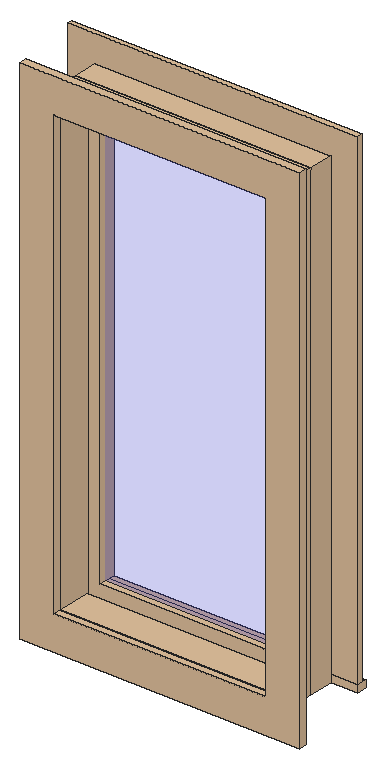
Revit family
Parameters (values of type "24" x 48"")
  Assembly Code = "B2020100"
  Glass Pane Material = Glass
  Height = 4' - 0"
  Sash Material = Sash
  Default Sill Height = 3' - 0"
  Trim Exterior Material = Trim
  Trim Interior Material = Trim
  Trim Projection - Ext. = 0' - 0 1/2"
  Trim Projection - Int. = 0' - 0 3/4"
  Trim Width - Exterior = 0' - 3 1/2"
  Trim Width - Interior = 0' - 3 1/2"
  Wall Closure = (empty or 0)
  Width = 2' - 0"
  Window Inset = 0' - 0 3/4"
Types (10): name | Height | Default Sill Height | Width
  (no name) | 4' - 0" | 3' - 0" | 2' - 0"
  36" x 48" | 4' - 0" | 3' - 0" | 3' - 0"
  24" x 48" | 4' - 0" | 3' - 0" | 2' - 0"
  24" x 24" | 2' - 0" | 3' - 0" | 2' - 0"
  16" x 24" | 2' - 0" | 3' - 0" | 1' - 4"
  16" x 48" | 4' - 0" | 3' - 0" | 1' - 4"
  16" x 60" | 5' - 0" | 2' - 0" | 1' - 4"
  24" x 60" | 5' - 0" | 2' - 0" | 2' - 0"
  36" x 24" | 2' - 0" | 3' - 0" | 3' - 0"
  36" x 60" | 5' - 0" | 2' - 0" | 3' - 0"
Reference planes (in)
  plane 1: y = 0
  plane 2: z = 0
  plane 3 "Center": x = 0
  plane 4 "Left": x = -12
  plane 5 "Right": x = 12
  plane 6 "Sill": z = 36
  plane 7 "Top": z = 84
  plane 8: y = 3
  plane 9: y = -3
  plane 10: y = 2.25
  plane 11: x = -10.75
  plane 12: x = -11.25
  plane 13: x = -14.25
  plane 14: x = -14.75
  plane 15: x = 10.75
  plane 16: x = 14.25
  plane 17: x = 14.75
  plane 18: x = 11.25
  plane 19: z = 86.25
  plane 20: z = 86.75
  plane 21: z = 82.75
  plane 22: z = 83.25
  plane 23: z = 33.75
  plane 24: z = 37.25
  plane 25 "Closure": y = 1.12619
Forms (in)
  Extrusion 1, solid, material "Sash" <- "Sash Material"
    sketch origin (0, 0, 0) x (1, 0, 0) y (0, 0, 1)
      loop
        line (-12, 84) -> (-12, 36) -> (12, 36) -> (12, 84) -> (-12, 84)
      loop
        line (-11.25, 83.25) -> (-11.25, 36.75) -> (11.25, 36.75) -> (11.25, 83.25) -> (-11.25, 83.25)
    from -3 to -0.5
  Extrusion 2, solid, material "Sash" <- "Sash Material"
    sketch origin (0, 0, 0) x (-1, 0, 0) y (0, 0, 1)
      loop
        line (-12, 84) -> (-12, 36) -> (12, 36) -> (12, 84) -> (-12, 84)
      loop
        line (-10.75, 82.75) -> (-10.75, 37.25) -> (10.75, 37.25) -> (10.75, 82.75) -> (-10.75, 82.75)
    from 0.5 to -3
  Extrusion 3, solid, material "Sash" <- "Sash Material"
    sketch origin (0, 0, 0) x (-1, 0, 0) y (0, 0, 1)
      loop
        line (-11.25, 83.25) -> (-11.25, 36.75) -> (11.25, 36.75) -> (11.25, 83.25) -> (-11.25, 83.25)
      loop
        line (-9.5, 81.5) -> (-9.5, 38.5) -> (9.5, 38.5) -> (9.5, 81.5) -> (-9.5, 81.5)
    from 0.5 to 2.25
  Extrusion 4, solid, material "Glass" <- "Glass Pane Material"
    sketch origin (-4.9201, 0, -4.60771) x (1, 0, 0) y (0, 0, 1)
      loop
        line (-4.5799, 86.10771) -> (-4.5799, 43.10771) -> (14.4201, 43.10771) -> (14.4201, 86.10771) -> (-4.5799, 86.10771)
    from -1.625 to -1.125
  Extrusion 5, solid, material "Trim" <- "Trim Interior Material"
    sketch origin (0, 0, 0) x (1, 0, 0) y (0, 0, 1)
      loop
        line (-10.75, 82.75) -> (-10.75, 37.25) -> (10.75, 37.25) -> (10.75, 82.75) -> (-10.75, 82.75)
      loop
        line (-14.25, 86.25) -> (-14.25, 33.75) -> (14.25, 33.75) -> (14.25, 86.25) -> (-14.25, 86.25)
    from 3 to 3.75
  Extrusion 6, solid, material "Trim" <- "Trim Exterior Material"
    sketch origin (0, 0, 0) x (-1, 0, 0) y (0, 0, 1)
      loop
        line (-11.25, 83.25) -> (11.25, 83.25) -> (11.25, 36.75) -> (14.75, 36.75) -> (14.75, 86.75) -> (-14.75, 86.75) -> (-14.75, 36.75) -> (-11.25, 36.75) -> (-11.25, 83.25)
    from 3 to 3.5
  Extrusion 7, solid, material "Trim" <- "Trim Exterior Material"
    sketch origin (0, 0, 0) x (-1, 0, 0) y (0, 0, 1)
      loop
        line (-14.75, 36.75) -> (-14.75, 36) -> (14.75, 36) -> (14.75, 36.75) -> (-14.75, 36.75)
    from 3 to 4
Lines and regions (in)
  Opening 1
    outline origin (-60, -3, 0) x (1, 0, 0) y (0, 0, 1)
      loop
        line (48, 84) -> (48, 36) -> (72, 36) -> (72, 84) -> (48, 84)
  symbolic lines, style "WindowsFrameMullionProjection"
    curve 1: line (-12, 3, 0) -> (-11.25, 3, 0)
    curve 2: line (-11.25, 0.5, 0) -> (-11.25, 3, 0)
    curve 3: line (-11.25, 0.5, 0) -> (-10.75, 0.5, 0)
    curve 4: line (-10.75, -3, 0) -> (-10.75, 0.5, 0)
    curve 5: line (12, 3, 0) -> (11.25, 3, 0)
    curve 6: line (10.75, 0.5, 0) -> (10.75, -3, 0)
    curve 7: line (10.75, 0.5, 0) -> (11.25, 0.5, 0)
    curve 8: line (11.25, 0.5, 0) -> (11.25, 3, 0)
    curve 9: line (-11.25, 2.25, 0) -> (-9.5, 2.25, 0)
    curve 10: line (-11.25, 2.25, 0) -> (-11.25, 0.5, 0)
    curve 11: line (-11.25, 0.5, 0) -> (-9.5, 0.5, 0)
    curve 12: line (-9.5, 2.25, 0) -> (-9.5, 0.5, 0)
    curve 13: line (11.25, 2.25, 0) -> (9.5, 2.25, 0)
    curve 14: line (11.25, 2.25, 0) -> (11.25, 0.5, 0)
    curve 15: line (11.25, 0.5, 0) -> (9.5, 0.5, 0)
    curve 16: line (9.5, 2.25, 0) -> (9.5, 0.5, 0)
    curve 22: line (-10.75, -3, 0) -> (-12, -3, 0)
    curve 23: line (10.75, -3, 0) -> (12, -3, 0)
  symbolic lines, style "WindowsGlassProjection"
    curve 17: line (-9.5, 1.375, 0) -> (9.5, 1.375, 0)
  symbolic lines, style "Elevation Swing"
    curve 18: line (9.5, 2.25, 38.5) -> (0, 2.25, 81.5)
    curve 19: line (0, 2.25, 81.5) -> (-9.5, 2.25, 38.5)
    curve 20: line (-9.5, 0.5, 38.5) -> (0, 0.5, 81.5)
    curve 21: line (9.5, 0.5, 38.5) -> (0, 0.5, 81.5)
Text (in)
  text "EXTERIOR" at (-56.58296, 30.41546, 0), in view "Floor Line"
  text "INTERIOR" at (-56.58296, -25.97889, 0), in view "Floor Line"
  text "Exterior" at (0, 43.65631, 134.44969), in view "Left"
  text "Exterior" at (0, 18.29385, 125.04747), in view "Right"
Dimensions and locks (in)
  equal spacing: plane 4 "Left", plane 3 "Center", plane 5 "Right"
  "Width": plane 4 "Left" to plane 5 "Right"
  "Window Inset": plane 8 to plane 10
  locked: plane 10 to Extrusion 3 at 1.75
  locked: plane 10 to Extrusion 4 at 0.625
  locked: Extrusion 4 to Extrusion 4 at 0.5
  "Trim Projection - Int.": Extrusion 5 to Extrusion 5
  "Trim Projection - Ext.": Extrusion 6 to Extrusion 6
  locked: Extrusion 7 to Extrusion 6 at 0.5
  locked: plane 4 "Left" to plane 12 at 0.75
  locked: plane 18 to plane 5 "Right" at 0.75
  locked: plane 15 to plane 5 "Right" at 1.25
  locked: plane 4 "Left" to plane 11 at 1.25
  locked: plane 22 to plane 7 "Top" at 0.75
  "Trim Width - Exterior": plane 22 to plane 20
  "Trim Width - Exterior": plane 18 to plane 17
  "Trim Width - Exterior": plane 14 to plane 12
  "Trim Width - Interior": plane 13 to plane 11
  "Trim Width - Interior": plane 15 to plane 16
  locked: plane 24 to plane 6 "Sill" at 1.25
  "Trim Width - Interior": plane 24 to plane 23
  "Trim Width - Interior": plane 19 to plane 21
  locked: plane 7 "Top" to plane 21 at 1.25
  locked: Extrusion 7 sketch curve to Extrusion 7 sketch curve at 0.75
  "Height": plane 7 "Top" to plane 6 "Sill"
  "Default Sill Height": plane 6 "Sill" to plane 2
  locked: plane 10 to plane 25 "Closure" at 1.12381
  aligned and locked: plane 7 "Top" to Opening 1 sketch curve
  aligned and locked: plane 6 "Sill" to Opening 1 sketch curve  (x2)
  aligned and locked: plane 5 "Right" to Opening 1 sketch curve
  aligned and locked: plane 4 "Left" to Opening 1 sketch curve
  aligned and locked: plane 9 to host wall
  aligned and locked: host wall to Extrusion 2
  aligned and locked: plane 10 to Extrusion 3
  aligned and locked: host wall to plane 8
  aligned and locked: host wall to Extrusion 1
  aligned and locked: Extrusion 2 to Extrusion 1
  aligned and locked: Extrusion 1 to Extrusion 3
  aligned and locked: Extrusion 4 sketch curve to Extrusion 3  (x4)
  aligned and locked: curve 5 to Extrusion 1  (x2)
  aligned and locked: curve 6 to Extrusion 2
  aligned and locked: curve 4 to Extrusion 2
  aligned and locked: curve 16 to Extrusion 3
  aligned and locked: Extrusion 1 to curve 11
  aligned and locked: Extrusion 1 to curve 7
  aligned and locked: Extrusion 3 to curve 18
  aligned and locked: Extrusion 5 sketch curve to Extrusion 2  (x4)
  aligned and locked: Extrusion 5 to host wall
  aligned and locked: Extrusion 7 sketch curve to Extrusion 6  (x2)
  aligned and locked: Extrusion 7 to host wall
  aligned and locked: Extrusion 6 to host wall
Automatic sketch dimensions
  Extrusion 1 sketch curve to plane 4 "Left" = 0' - 0"
  Extrusion 1 sketch curve to plane 5 "Right" = 0' - 0"
  Extrusion 1 sketch curve to plane 4 "Left" = 0' - 0 3/4"
  plane 5 "Right" to Extrusion 1 sketch curve = 0' - 0 3/4"
  Extrusion 1 sketch curve to plane 6 "Sill" = 0' - 0"
  Extrusion 1 sketch curve to plane 7 "Top" = 0' - 0"
  Extrusion 1 sketch curve to plane 6 "Sill" = 0' - 0 3/4"
  plane 7 "Top" to Extrusion 1 sketch curve = 0' - 0 3/4"
  Extrusion 2 sketch curve to plane 5 "Right" = 0' - 0"
  Extrusion 2 sketch curve to plane 4 "Left" = 0' - 0"
  plane 5 "Right" to Extrusion 2 sketch curve = 0' - 1 1/4"
  Extrusion 2 sketch curve to plane 4 "Left" = 0' - 1 1/4"
  Extrusion 2 sketch curve to plane 6 "Sill" = 0' - 0"
  Extrusion 2 sketch curve to plane 7 "Top" = 0' - 0"
  Extrusion 2 sketch curve to plane 6 "Sill" = 0' - 1 1/4"
  plane 7 "Top" to Extrusion 2 sketch curve = 0' - 1 1/4"
  plane 5 "Right" to Extrusion 3 sketch curve = 0' - 0 3/4"
  plane 5 "Right" to Extrusion 3 sketch curve = 0' - 2 1/2"
  Extrusion 3 sketch curve to plane 4 "Left" = 0' - 2 1/2"
  Extrusion 3 sketch curve to plane 4 "Left" = 0' - 0 3/4"
  Extrusion 3 sketch curve to plane 6 "Sill" = 0' - 0 3/4"
  Extrusion 3 sketch curve to plane 6 "Sill" = 0' - 2 1/2"
  plane 7 "Top" to Extrusion 3 sketch curve = 0' - 2 1/2"
  plane 7 "Top" to Extrusion 3 sketch curve = 0' - 0 3/4"
  curve 20 to plane 3 "Center" = 0' - 0"
  curve 20 to curve 19 = 0' - 0"
  curve 20 to plane 6 "Sill" = 0' - 2 1/2"
  curve 21 to plane 6 "Sill" = 0' - 2 1/2"
  curve 19 to curve 20 = 0' - 0"  (x2)
  curve 18 to curve 21 = 0' - 0"  (x2)
  curve 19 to plane 3 "Center" = 0' - 0"
  curve 20 to plane 4 "Left" = 0' - 2 1/2"
  plane 5 "Right" to curve 21 = 0' - 2 1/2"
  curve 22 to plane 4 "Left" = 0' - 0"
  curve 1 to plane 4 "Left" = 0' - 0"
  curve 2 to plane 8 = 0' - 0"
  curve 10 to plane 10 = 0' - 0"
  curve 13 to plane 10 = 0' - 0"
  curve 23 to plane 5 "Right" = 0' - 0"
  curve 1 to curve 2 = 0' - 0 3/4"
  curve 9 to curve 12 = 0' - 1 3/4"
  plane 5 "Right" to curve 13 = 0' - 0 3/4"
  curve 23 to plane 9 = 0' - 0"
  curve 4 to plane 9 = 0' - 0"
  curve 11 to curve 17 = 0' - 0 7/8"
  Extrusion 7 sketch curve to plane 14 = 0' - 0"
  Extrusion 5 sketch curve to plane 13 = 0' - 0"
  Extrusion 5 sketch curve to plane 16 = 0' - 0"
  Extrusion 5 sketch curve to plane 23 = 0' - 0"
  Extrusion 5 sketch curve to plane 19 = 0' - 0"
  Extrusion 6 sketch curve to plane 17 = 0' - 0"
  Extrusion 6 sketch curve to plane 18 = 0' - 0"
  Extrusion 6 sketch curve to plane 12 = 0' - 0"
  Extrusion 6 sketch curve to plane 14 = 0' - 0"
  Extrusion 6 sketch curve to plane 22 = 0' - 0"
  Extrusion 6 sketch curve to plane 20 = 0' - 0"
  Extrusion 6 sketch curve to plane 6 "Sill" = 0' - 0 3/4"  (x2)
